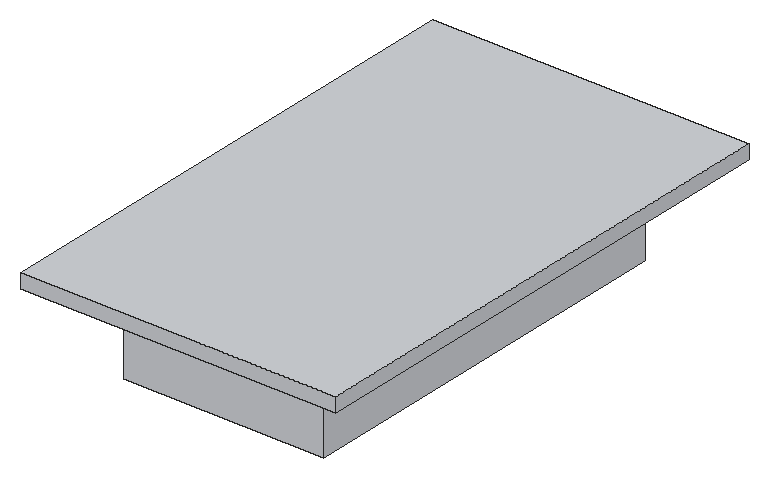
Revit family "Telephone Jack", category Data Devices, host Face, Revit 2025
Family settings
  Host = Face
  Round Connector Dimension = Use Diameter
  Part Type = Normal
  Cut with Voids When Loaded = No
  Maintain Annotation Orientation = Yes
  Shared = No
  Room Calculation Point = No
Parameters (values of type "Duplex")
  x = 0.74588"
  Width = 2 3/4"
  Wall Mounted = not(Face Mounted)  # no
  Height = 4 1/2"
  Face Mounted = yes
  er = 0.27848"
  Depth = 1/8"
  Back Depth = 3/4"
  Default Elevation = 48"
  Back Width = Width - Back Margin  # 1 3/4"
  Back Margin = 1"
  Back Height = Height - Back Margin  # 3 1/2"
Reference planes (in)
  plane 1 "Center (Front/Back)": y = 0
  plane 2: z = 0
  plane 3 "Center (Left/Right)": x = 0
  plane 4: z = 0.125
  plane 5: z = -0.75
Forms (in)
  Extrusion 1, solid
    sketch origin (0, 0, 0) x (1, 0, 0) y (0, 1, 0)
      loop
        line (-1.375, 2.25) -> (-1.375, -2.25) -> (1.375, -2.25) -> (1.375, 2.25) -> (-1.375, 2.25)
    from 0 to 0.125
  Extrusion 2, solid
    sketch origin (0, 0, 0) x (1, 0, 0) y (0, 1, 0)
      loop
        line (-0.875, 1.75) -> (-0.875, -1.75) -> (0.875, -1.75) -> (0.875, 1.75) -> (-0.875, 1.75)
    from 0 to -0.75
Dimensions and locks (in)
  equal spacing: Extrusion 1 sketch curve, plane 3 "Center (Left/Right)", Extrusion 1 sketch curve
  "Width": Extrusion 1 sketch curve to Extrusion 1 sketch curve
  "Height": Extrusion 1 sketch curve to Extrusion 1 sketch curve
  equal spacing: Extrusion 1 sketch curve, plane 1 "Center (Front/Back)", Extrusion 1 sketch curve
  "Depth": plane 4 to plane 2
  "Back Depth": plane 2 to plane 5
  equal spacing: Extrusion 2 sketch curve, plane 3 "Center (Left/Right)", Extrusion 2 sketch curve
  equal spacing: Extrusion 2 sketch curve, plane 1 "Center (Front/Back)", Extrusion 2 sketch curve
  "Back Height": Extrusion 2 sketch curve to Extrusion 2 sketch curve
  "Back Width": Extrusion 2 sketch curve to Extrusion 2 sketch curve
  aligned and locked: plane 2 to host face
  aligned and locked: level to host face
  aligned and locked: plane 4 to Extrusion 1
  aligned and locked: Extrusion 2 to plane 5
Automatic sketch dimensions
  host sketch curve to host sketch curve = 96"  (x2)
Nested families (in)
  nested 1: "Wall Mounted" at (0, 0, 0), visible <- "Face Mounted", type "Standard"
Connectors (in)
  electrical at (0, 0, 0.125)
    settings: on Extrusion 1, index 1, voltage 0 V, apparent load 0 VA, apparent load phase1 0 VA, apparent load phase2 0 VA, apparent load phase3 0 VA, power factor 1, load classification "Other", number of poles 1, system type 31, power factor state 1, is connector primary yes, connector utility no, sub classification motor no, connector description ""
Definition of nested family "Wall Mounted"
  Parameters (values of type "Standard")
    Diameter = 59/256"
    Center Height = Diameter * 1.5 * 0.6  # 0.20742"
  Reference planes (in)
    plane 1: y = 0
    plane 2: x = 0
  Lines and regions (in)
    detail lines
      curve 1: line (0, 0, 0) -> (-0.14434, 0.25, 0)
      curve 2: line (0, 0, 0) -> (0.14434, 0.25, 0)
      curve 3: line (-0.14434, 0.25, 0) -> (0.14434, 0.25, 0)
  Dimensions and locks (in)
    plane 1 to curve 3 = 1/4"
